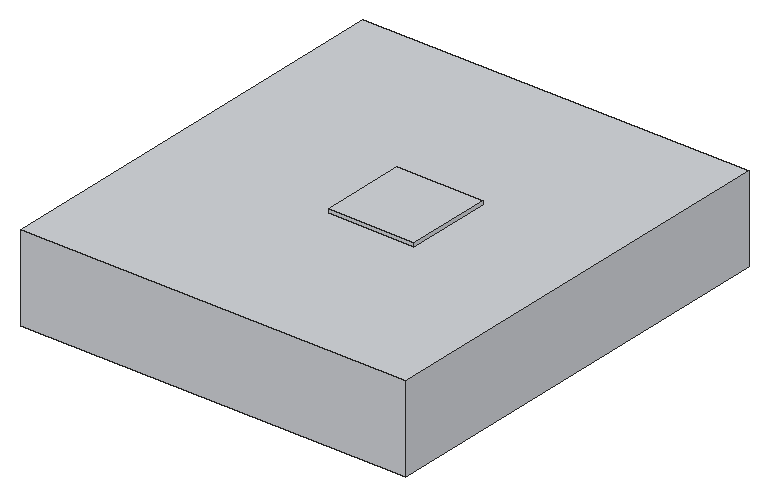
Revit family "M_Difusor de fornecimento - Perfurado - Pescoço retangular - Montado no forro", category Terminais de ar, Revit 2019
Family settings
  Hospedeiro = Face
  Cota do conector redondo = Utilizar diâmetro
  Tipo de parte = Normal
  Número OmniClass = 23.75.70.21.27.11
  Título OmniClass = Diffusers, Registers, and Grilles
  ID de item do Seek = Supply Diffuser - Perforated - Rectangular Neck - Ceiling Mounted-0000-CAN-ENU
  Corte com vazios quando carregada = Não
  Compartilhado = Não
  Ponto de cálculo do ambiente = Não
Parameters (values of type "Padrão")
  Queda de pressão [instance] = 98.0 Pa
  Largura do duto = 152 mm
  Largura do meio duto = Largura do duto * 1 / 2  # 76 mm
  Altura do meio duto = 76 mm
  Fluxo [instance] = 165.0 L/s
  Altura do duto = 152 mm
  Largura do difusor = 305 mm
  Material do difusor = none
  Altura do difusor = 305 mm
  Largura do meio difusor = Largura do difusor * 1 / 2  # 152.5 mm
  Altura do meio difusor = Altura do difusor * 1 / 2  # 152.5 mm
  Elevação-padrão = 1200 mm
  Assembly Code = ""
Reference planes
  plane 1 "Centro (Frente/Trás)": y = 0
  plane 2: z = 0
  plane 3 "Centro (Esquerda/Direita)": x = 0
  plane 4: y = 152.5
  plane 5: y = -152.5
  plane 6: x = -152.5
  plane 7: x = 152.5
  plane 8: x = -76
  plane 9: x = 76
  plane 10: y = 76
  plane 11: y = -76
  plane 12: y = 133.45
  plane 13: x = -133.45
  plane 14: y = -133.45
  plane 15: x = 133.45
  plane 16: z = 12.7
  plane 17: z = -38.1
  plane 18: z = -63.5
Forms (mm)
  Extrusion 1, solid
    sketch origin (0, 0, 0) x (1, 0, 0) y (0, 1, 0)
      loop
        line (-762.1, 762.1) -> (-762.1, -762.1) -> (609.7, -762.1) -> (609.7, 762.1) -> (-762.1, 762.1)
    from 0 to -304.8
  Blend 2, solid, material <- "Material do difusor"
    base sketch origin (0, 0, -12.7) x (-1, 0, 0) y (0, -1, 0)
      loop
        line (-76, 76) -> (-76, -76) -> (76, -76) -> (76, 76) -> (-76, 76)
    top sketch origin (0, 0, -12.7) x (-1, 0, 0) y (0, -1, 0)
      loop
        line (-133.45, 133.45) -> (-133.45, -133.45) -> (133.45, -133.45) -> (133.45, 133.45) -> (-133.45, 133.45)
    from -25.4 to 12.7
  Extrusion 3, solid, material <- "Material do difusor"
    sketch origin (0, 0, -63.5) x (-1, 0, 0) y (0, -1, 0)
      loop
        line (152.5, -152.5) -> (152.5, 152.5) -> (-152.5, 152.5) -> (-152.5, -152.5) -> (152.5, -152.5)
    from 63.5 to 76.2
  Extrusion 4, solid, material <- "Material do difusor"
    sketch origin (0, 0, -12.7) x (-1, 0, 0) y (0, -1, 0)
      loop
        line (76, 76) -> (-76, 76) -> (-76, -76) -> (76, -76) -> (76, 76)
    from -50.8 to -25.4
Lines and regions (mm)
  symbolic lines
    curve 1: line (-152.5, 152.5, 0) -> (152.5, 152.5, 0)
    curve 2: line (-152.5, -152.5, 0) -> (-152.5, 152.5, 0)
    curve 3: line (152.5, -152.5, 0) -> (-152.5, -152.5, 0)
    curve 4: line (152.5, 152.5, 0) -> (152.5, -152.5, 0)
    curve 5: line (-76, 76, 0) -> (76, 76, 0)
    curve 6: line (-76, -76, 0) -> (-76, 76, 0)
    curve 7: line (76, -76, 0) -> (-76, -76, 0)
    curve 8: line (76, 76, 0) -> (76, -76, 0)
    curve 9: line (-152.5, 152.5, 0) -> (152.5, -152.5, 0)
    curve 10: line (152.5, 152.5, 0) -> (-152.5, -152.5, 0)
Dimensions and locks
  "Altura do meio difusor": plane 6 to plane 3 "Centro (Esquerda/Direita)"
  "Altura do meio difusor": plane 3 "Centro (Esquerda/Direita)" to plane 7
  "Largura do meio difusor": plane 4 to plane 1 "Centro (Frente/Trás)"
  "Largura do meio difusor": plane 5 to plane 1 "Centro (Frente/Trás)"
  "Altura do meio duto": plane 3 "Centro (Esquerda/Direita)" to plane 8
  "Altura do meio duto": plane 9 to plane 3 "Centro (Esquerda/Direita)"
  "Largura do meio duto": plane 10 to plane 1 "Centro (Frente/Trás)"
  "Largura do meio duto": plane 11 to plane 1 "Centro (Frente/Trás)"
  "Altura do meio duto": plane 8 to plane 3 "Centro (Esquerda/Direita)"
  "Altura do meio duto": plane 3 "Centro (Esquerda/Direita)" to plane 9
  locked: plane 4 to plane 12 at 19.05
  locked: plane 6 to plane 13 at 19.05
  locked: plane 14 to plane 5 at 19.05
  locked: plane 15 to plane 7 at 19.05
  locked: plane 16 to plane 2 at 12.7
  locked: plane 16 to plane 18 at 76.2
  locked: plane 17 to plane 18 at 25.4
  aligned and locked: plane 2 to Extrusion 1
  aligned and locked: level to Extrusion 1
  aligned and locked: Blend 2 sketch curve to plane 12
  aligned and locked: Blend 2 sketch curve to plane 15
  aligned and locked: plane 14 to Blend 2 sketch curve
  aligned and locked: plane 13 to Blend 2 sketch curve
  aligned and locked: Blend 2 sketch curve to plane 10
  aligned and locked: plane 8 to Blend 2 sketch curve
  aligned and locked: plane 11 to Blend 2 sketch curve
  aligned and locked: plane 9 to Blend 2 sketch curve
  aligned and locked: plane 4 to Extrusion 3
  aligned and locked: Extrusion 3 to plane 5
  aligned and locked: plane 10 to Extrusion 4
  aligned and locked: Extrusion 4 to plane 9  (x2)
  aligned and locked: Extrusion 4 to plane 8
  aligned and locked: Extrusion 4 to plane 11
  aligned and locked: plane 16 to Extrusion 3
  aligned and locked: Extrusion 3 to plane 2
  aligned and locked: Extrusion 3 to plane 6
  aligned and locked: plane 7 to Extrusion 3
  aligned and locked: plane 2 to Blend 2
  aligned and locked: Blend 2 to plane 17
  aligned and locked: Extrusion 4 to plane 17
  aligned and locked: plane 18 to Extrusion 4
  aligned and locked: plane 8 to Extrusion 4
  aligned and locked: curve 1 to Extrusion 3  (x2)
  aligned and locked: Extrusion 3 to curve 4
  aligned and locked: curve 4 to Extrusion 3
  aligned and locked: Blend 2 to curve 5
  aligned and locked: curve 5 to Blend 2
  aligned and locked: curve 8 to Blend 2  (x2)
Automatic sketch dimensions
  plane 7 to Extrusion 3 sketch curve = 0 mm
  Extrusion 3 sketch curve to plane 4 = 0 mm
  Extrusion 3 sketch curve to plane 5 = 0 mm
  Extrusion 3 sketch curve to plane 6 = 0 mm
  Extrusion 4 sketch curve to plane 8 = 0 mm
  Extrusion 4 sketch curve to plane 10 = 0 mm
  Extrusion 4 sketch curve to plane 11 = 0 mm
  Extrusion 4 sketch curve to plane 9 = 0 mm
  Extrusion 1 sketch curve to Extrusion 1 sketch curve = 1371.8 mm
  Extrusion 1 sketch curve to Extrusion 1 sketch curve = 1524.2 mm
Connectors
  hvac at (0, 0, -63.5), driven by "Altura do duto", driven by "Largura do duto", driven by "Queda de pressão", driven by "Fluxo"
    settings: on Extrusion 4, index 1, duct flow 165.0 L/s, flow factor 0, pres drop 98.0 Pa, loss coef 0, conn angle 0.00°, conn width 152 mm, conn height 152 mm, conn diameter 609.6 mm, duct sys type 1, conn prof type 1, flow config 1, flow direction 1, loss method 4, conn ref index -1, conn util no, is conn primary yes, conn desc ""
Types in the file's own list only (14): name | Largura do duto | Largura do meio duto | Altura do duto | Largura do difusor | Altura do difusor | Largura do meio difusor | Altura do meio difusor
  300 mm x 300 mm x 150 mm No pescoço | 150 mm | 75 mm | 150 mm | 300 mm | 300 mm | 150 mm | 150 mm
  600 mm x 300 mm x 150 mm No pescoço | 150 mm | 75 mm | 150 mm | 300 mm | 600 mm | 150 mm | 300 mm
  400 mm x 400 mm x 150 mm No pescoço | 150 mm | 75 mm | 150 mm | 400 mm | 400 mm | 200 mm | 200 mm
  500 mm x 500 mm x 150 mm No pescoço | 150 mm | 75 mm | 150 mm | 500 mm | 500 mm | 250 mm | 250 mm
  600 mm x 600 mm x 150 mm No pescoço | 150 mm | 75 mm | 150 mm | 600 mm | 600 mm | 300 mm | 300 mm
  400 mm x 400 mm x 200 mm No pescoço | 200 mm | 100 mm | 200 mm | 400 mm | 400 mm | 200 mm | 200 mm
  500 mm x 500 mm x 200 mm No pescoço | 200 mm | 100 mm | 200 mm | 500 mm | 500 mm | 250 mm | 250 mm
  600 mm x 600 mm x 200 mm No pescoço | 200 mm | 100 mm | 200 mm | 600 mm | 600 mm | 300 mm | 300 mm
  1200 mm x 600 mm x 200 mm No pescoço | 200 mm | 100 mm | 200 mm | 600 mm | 1200 mm | 300 mm | 600 mm
  500 mm x 500 mm x 250 mm No pescoço | 250 mm | 125 mm | 250 mm | 500 mm | 500 mm | 250 mm | 250 mm
  600 mm x 600 mm x 250 mm No pescoço | 250 mm | 125 mm | 250 mm | 600 mm | 600 mm | 300 mm | 300 mm
  1200 mm x 600 mm x 250 mm No pescoço | 250 mm | 125 mm | 250 mm | 600 mm | 1200 mm | 300 mm | 600 mm
  600 mm x 600 mm x 300 mm No pescoço | 300 mm | 150 mm | 300 mm | 600 mm | 600 mm | 300 mm | 300 mm
  1200 mm x 600 mm x 300 mm No pescoço | 300 mm | 150 mm | 300 mm | 600 mm | 1200 mm | 300 mm | 600 mm
